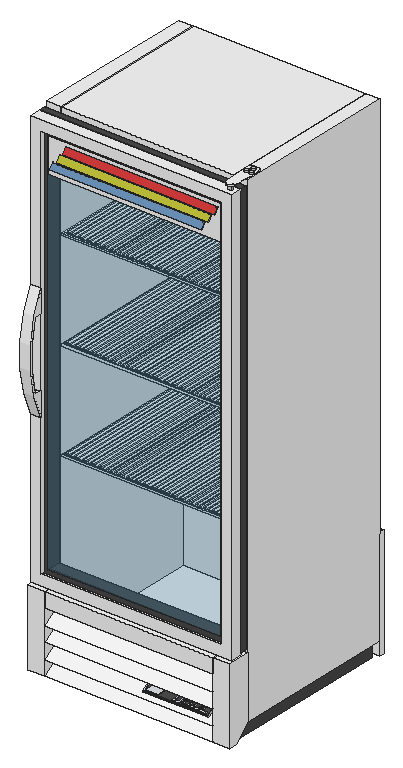
Revit family "QF_TRUE_GDM-12F-HC~TSL01", category Specialty Equipment, Revit 2016
Family settings
  Part Type = Normal
  Round Connector Dimension = Use Diameter
  Work Plane-Based = No
  Always vertical = Yes
  Cut with Voids When Loaded = No
  Shared = No
  Room Calculation Point = No
Parameters
  Weight in Pounds = 0
  Watts = Volts * FL Amps  # 517.5 W
  Volts = 115 V
  URL Cutsheet = ""
  Specification by User = ""
  Specification by Manufacturer = ""
  Show Logo [instance] = yes
  Show Default Legs [instance] = not(Show 2.5 Inches Castors)  # yes
  Show Clearance [instance] = yes
  Show 2.5 Inches Castors [instance] = no
  Serial Number = ""
  Seismic Rating = ""
  SMACNA No = ""
  Revision Code = ""
  Phase = 1
  Number of Poles = 1
  NAFEM Spec ID Number = ""
  Model = "GDM-12F-HC~TSL01"
  Min Ckt Ampacity = 0 A
  Max Overcurrent Protection = 0 A
  Masterspec = ""
  Manufacturer = "TRUE"
  Length = 24 13/16"
  Item Number = ""
  Installed By = ""
  Identify Quantity as Lot = yes
  Height [instance] = Body Height + Base Height  # 62 5/16"
  HP = "1/2"
  Furnished By = ""
  Foodservice Equipment Identifier = yes
  FL Amps = 4.5 A
  Electrical Remarks = ""
  Electric Connection Type = ""
  Elec Conn RI Height = 0"
  Elec Conn Connection Height = 0"
  Description = "SWING DOOR FREEZER WITH HYDROCARBON REFRIGERANT-TRUE STANDARD LOOK VERSION 01"
  Depth = 25 1/32"
  Cycle = 60 Hz
  Conn Plug = "NEMA 5-15P"
  Conn Conduit = yes
  CSI MasterFormat = ""
  Materials and Finishes [instance] = QF_Plastic - White - Smooth
  Body Height [instance] = 62 1/8"  # constant formula
  Base Height [instance] = if(Show 2.5 Inches Castors, 2 1/2", 3/16")  # 3/16"
  Apparent Power = 0 VA
Reference planes (in)
  plane 1 "BACK": y = 0
  plane 2: z = 0
  plane 3 "LEFT": x = 0
  plane 4 "RIGHT": x = 24.8125
  plane 5 "FRONT": y = -25.03125
  plane 6 "TOP": z = 62.3125
  plane 7 "Center Y": x = 12.40625
  plane 8 "Center X": y = -12.51562
  plane 9: y = -0.53125
  plane 10: y = -23.40625
  plane 11: y = -25.09375
  plane 12: y = -46.625
  plane 13: z = 0.1875
Dimensions and locks (in)
  equal spacing: plane 3 "LEFT", plane 7 "Center Y", plane 4 "RIGHT"
  "Length": plane 3 "LEFT" to plane 4 "RIGHT"
  equal spacing: plane 5 "FRONT", plane 8 "Center X", plane 1 "BACK"
  "Depth": plane 5 "FRONT" to plane 1 "BACK"
  "Body Height": plane 6 "TOP" to plane 13
  plane 4 "RIGHT" to plane 3 "LEFT" = 24 13/16"
  plane 9 to plane 1 "BACK" = 17/32"
  plane 10 to plane 9 = 22 7/8"
  plane 5 "FRONT" to plane 10 = 1 5/8"
  plane 5 "FRONT" to plane 1 "BACK" = 25 1/32"
  plane 12 to plane 1 "BACK" = 46 5/8"
  "Base Height": plane 13 to level
  aligned and locked: level to plane 2
  aligned and locked: nested 1 to plane 13
Nested families (in)
  nested 1: "GDM-10-58-HC-TSL01" at (0, 0, 0), Show Clearance <- "Show Clearance", Show Default Legs <- "Show Default Legs", Show Logo <- "Show Logo", type "GDM-10-58-HC-TSL01"
    with Show Logo yes, Show Default Legs yes, Show Clearance yes
  nested 2: "2.5 INCHES_CASTER" at (2, -2.53125, 0), visible <- "Show 2.5 Inches Castors", 2.5 Inches Caster <- "Show 2.5 Inches Castors", type "2.5 INCHES_CASTER"
    with Type Mark "", Specification by User "", Revision Code "", Item Number "", Installed By "", Identify Quantity as Lot yes, Furnished By "", Foodservice Equipment Identifier yes, 2.5 Inches Caster no
  nested 3: "2.5 INCHES_CASTER" at (22.8125, -2.53125, 0), visible <- "Show 2.5 Inches Castors", 2.5 Inches Caster <- "Show 2.5 Inches Castors", type "2.5 INCHES_CASTER"
    with Type Mark "", Specification by User "", Revision Code "", Item Number "", Installed By "", Identify Quantity as Lot yes, Furnished By "", Foodservice Equipment Identifier yes, 2.5 Inches Caster no
  nested 4: "2.5 INCHES_CASTER" at (2, -21.78125, 0), visible <- "Show 2.5 Inches Castors", 2.5 Inches Caster <- "Show 2.5 Inches Castors", type "2.5 INCHES_CASTER"
    with Type Mark "", Specification by User "", Revision Code "", Item Number "", Installed By "", Identify Quantity as Lot yes, Furnished By "", Foodservice Equipment Identifier yes, 2.5 Inches Caster no
  nested 5: "2.5 INCHES_CASTER" at (22.8125, -21.78125, 0), visible <- "Show 2.5 Inches Castors", 2.5 Inches Caster <- "Show 2.5 Inches Castors", type "2.5 INCHES_CASTER"
    with Type Mark "", Specification by User "", Revision Code "", Item Number "", Installed By "", Identify Quantity as Lot yes, Furnished By "", Foodservice Equipment Identifier yes, 2.5 Inches Caster no
Connectors (in)
  electrical at (12.40625, 0, 7.53125), driven by "Volts", driven by "Watts"
    settings: on nested 1, index 1, voltage 115 V, apparent load 517.5 VA, apparent load phase1 0 VA, apparent load phase2 0 VA, apparent load phase3 0 VA, power factor 1, load classification "Other", number of poles 1, system type 30, power factor state 1, is connector primary yes, connector utility no, sub classification motor no, connector description "ELECTRICAL CONNECTION"
Definition of nested family "GDM-10-58-HC-TSL01"
  Parameters (values of type "GDM-10-58-HC-TSL01")
    Weight in Pounds = 0
    Watts = 0 W
    Volts = 0 V
    URL Cutsheet = ""
    Specification by User = ""
    Specification by Manufacturer = ""
    Show Logo [instance] = yes
    Show Default Legs [instance] = yes
    Show Clearance [instance] = yes
    Serial Number = ""
    Seismic Rating = ""
    SMACNA No = ""
    Revision Code = ""
    Phase = 0
    Number of Poles = 1
    NAFEM Spec ID Number = ""
    Model = ""
    Min Ckt Ampacity = 0 A
    Max Overcurrent Protection = 0 A
    Masterspec = ""
    Manufacturer = ""
    Length = 24 13/16"
    Item Number = ""
    Installed By = ""
    Identify Quantity as Lot = yes
    Height = 62 5/16"
    HP = ""
    Furnished By = ""
    Foodservice Equipment Identifier = yes
    FL Amps = 0 A
    Electrical Remarks = ""
    Electric Connection Type = ""
    Elec Conn RI Height = 0"
    Elec Conn Connection Height = 0"
    Description = ""
    Depth = 25 1/32"
    Cycle = 0 Hz
    Conn Plug = ""
    Conn Conduit = yes
    CSI MasterFormat = ""
    Body Finish = none
    Apparent Power = 0 VA
  Reference planes (in)
    plane 1 "BACK": y = 0
    plane 2: z = 0
    plane 3 "LEFT": x = 0
    plane 4 "RIGHT": x = 24.8125
    plane 5 "FRONT": y = -25.03125
    plane 6 "TOP": z = 62.3125
    plane 7 "Center Y": x = 12.40625
    plane 8 "Center X": y = -12.51562
    plane 9: y = -0.53125
    plane 10: y = -23.40625
    plane 11: y = -25.09375
    plane 12: z = 10.5
    plane 13: z = 2.375
    plane 14: z = 10.5
    plane 15: y = -46.625
    plane 16: y = -46.625
    plane 17: z = 0.1875
  Forms (in)
    Extrusion 1, solid
      sketch origin (0.03125, -23.4375, 65.50979) x (0, 0, 1) y (1, 0, 0)
        loop
          line (-5.03234, 23.53125) -> (-54.00979, 23.53125) -> (-54.00979, 1.21875) -> (-5.03234, 1.21875) -> (-5.03234, 23.53125)
        loop
          line (-5.53234, 23.03125) -> (-53.50979, 23.03125) -> (-53.50979, 1.71875) -> (-5.53234, 1.71875) -> (-5.53234, 23.03125)
      from 2.25251 to 0.5
    Extrusion 2, solid, material <- "Body Finish"
      sketch origin (0.03125, -23.4375, 65.50979) x (0, 0, 1) y (1, 0, 0)
        loop
          line (-55.25979, -0.03125) -> (-3.78234, -0.03125) -> (-3.78234, 24.78125) -> (-55.25979, 24.78125) -> (-55.25979, -0.03125)
        loop
          line (-5.03234, 23.53125) -> (-54.00979, 23.53125) -> (-54.00979, 1.21875) -> (-5.03234, 1.21875) -> (-5.03234, 23.53125)
      from 1.50251 to 0.03125
    Extrusion 3, solid
      sketch origin (0.03125, -23.4375, 65.50979) x (0, 0, 1) y (1, 0, 0)
        loop
          line (-5.03234, 23.53125) -> (-54.00979, 23.53125) -> (-54.00979, 1.21875) -> (-5.03234, 1.21875) -> (-5.03234, 23.53125)
        loop
          line (-4.78234, 23.78125) -> (-54.25979, 23.78125) -> (-54.25979, 0.96875) -> (-4.78234, 0.96875) -> (-4.78234, 23.78125)
      from 2.25251 to 2.5625
    Extrusion 4, solid, material <- "Body Finish"
      sketch origin (0.03125, 2.9375, 12.89062) x (0, 1, 0) y (0, 0, 1)
        loop
          line (-3.46875, 48.33682) -> (-5.125, 48.33682) -> (-5.125, -9.51562) -> (-23.8125, -9.51562) -> (-23.8125, -10.51562) -> (-3.46875, -10.51562) -> (-3.46875, 48.33682)
      from 1.75 to 23
    Extrusion 5, solid, material <- "Body Finish"
      sketch origin (0.03125, 2.9375, 12.89062) x (0, -1, 0) y (0, 0, 1)
        loop
          line (23.8125, 49.33682) -> (3.46875, 49.33682) -> (3.46875, -10.51562) -> (23.8125, -10.51562) -> (23.8125, 49.33682)
      from 0.03125 to -1.75
    Extrusion 6, solid, material <- "Body Finish"
      sketch origin (0, -0.0625, -1.8125) x (0, 1, 0) y (0, 0, 1)
        loop
          line (-0.46875, 2.5) -> (0.0625, 2.5) -> (0.0625, 16.1875) -> (-0.46875, 16.1875) -> (-0.46875, 2.5)
      from 0 to 24.8125
    Extrusion 7, solid, material <- "Body Finish"
      sketch origin (0, 0.46875, 0.375) x (0, 1, 0) y (0, 0, 1)
        loop
          line (-21.34375, 9.625) -> (-24.20354, 9.625) -> (-24.20354, 0.3125) -> (-23.03125, 0.3125) -> (-21.34375, 2) -> (-21.34375, 9.625)
      from 0 to 2
    Extrusion 8, solid
      sketch origin (0, 0.46875, 0.375) x (0, 1, 0) y (0, 0, 1)
        loop
          line (-23.03125, 0.3125) -> (-23.03125, -0.1875) -> (-1, -0.1875) -> (-1, 2) -> (-21.34375, 2) -> (-23.03125, 0.3125)
      from 0.98361 to 23.82889
    Extrusion 9, solid, material <- "Body Finish"
      sketch origin (2, 0.46875, 0.375) x (0, 1, 0) y (0, 0, 1)
        loop
          line (-24.20354, 9.625) -> (-24.20354, 7.875) -> (-21.40384, 7.875) -> (-24.20354, 5.88192) -> (-23.74627, 5.88192) -> (-21.34375, 7.61566) -> (-21.34375, 9.625) -> (-24.20354, 9.625)
        loop
          line (-21.34375, 6.04694) -> (-24.20354, 4.01463) -> (-23.74627, 4.01463) -> (-21.34375, 5.74837) -> (-21.34375, 6.04694)
        loop
          line (-21.34375, 3.88108) -> (-21.34375, 4.17966) -> (-24.20354, 2.11927) -> (-23.78927, 2.11927) -> (-21.34375, 3.88108)
        loop
          line (-21.34375, 2.37289) -> (-24.20354, 0.3125) -> (-23.03125, 0.3125) -> (-21.34375, 2) -> (-21.34375, 2.37289)
      from 0 to 20.8125
    Extrusion 10, solid
      sketch origin (0.03125, -22.9375, 65.50979) x (0, 0, -1) y (1, 0, 0)
        loop
          line (9.78234, 1.71875) -> (53.50979, 1.71875) -> (53.50979, 23.03125) -> (9.78234, 23.03125) -> (9.78234, 1.71875)
      from 0 to -0.125
    Extrusion 11, solid, visible <- "Show Clearance", detail levels coarse
      sketch origin (23.15625, -23.4375, 10.5) x (0, -1, 0) y (-1, 0, 0)
        loop
          line (-0.03125, -1.65625) -> (23.1875, -1.65625)
          arc (23.1875, -1.65625) -> (16.70099, 15.54381) -> (-0.03125, 23.15625) r 24.08186
          line (-0.03125, 23.15625) -> (-0.03125, -1.65625)
      from 0.25 to -51.22744
    Extrusion 12, solid, material <- "Body Finish"
      sketch origin (24.78125, 2.9375, 12.89062) x (0, -1, 0) y (0, 0, -1)
        loop
          line (23.8125, -49.33682) -> (23.8125, 10.51562) -> (3.46875, 10.51562) -> (3.46875, -49.33682) -> (23.8125, -49.33682)
      from 0.03125 to -1.75
    Extrusion 13, solid
      sketch origin (0.03125, -21.96624, 65.50979) x (0, 0, 1) y (1, 0, 0)
        loop
          line (-55.00979, -0.03125) -> (-3.78234, -0.03125) -> (-3.78234, 24.78125) -> (-55.00979, 24.78125) -> (-55.00979, -0.03125)
        loop
          line (-5.03234, 23.53125) -> (-53.75979, 23.53125) -> (-53.75979, 1.21875) -> (-5.03234, 1.21875) -> (-5.03234, 23.53125)
      from 0.78125 to 0.03125
    Extrusion 14, solid, material <- "Body Finish"
      sketch origin (24.8125, 0.46875, 0.375) x (0, 1, 0) y (0, 0, -1)
        loop
          line (-21.34375, -9.625) -> (-21.34375, -2) -> (-23.03125, -0.3125) -> (-24.20354, -0.3125) -> (-24.20354, -9.625) -> (-21.34375, -9.625)
      from 0 to 2
    Extrusion 15, solid
      sketch origin (0.35938, 0, 0) x (1, 0, 0) y (0, 1, 0)
        loop
          circle (23.55974, -22.48479) r 0.25
      from 10 to 62.22744
    Revolve 16, solid, visible <- "Show Default Legs"
      sketch origin (2, 0.46875, 0) x (0, 1, 0) y (0, 0, 1)
        loop
          line (-21.84375, 0) -> (-21.84375, 0.1875) -> (-22.6184, 0.1875) -> (-22.6184, 0) -> (-21.84375, 0)
        axis (-21.84375, 0) -> (-21.84375, 0.1875)
      angle from 0 to 360
    Revolve 17, solid, visible <- "Show Default Legs"
      sketch origin (2, 20.21875, 0) x (0, 1, 0) y (0, 0, 1)
        loop
          line (-21.84375, 0) -> (-21.84375, 0.1875) -> (-22.6184, 0.1875) -> (-22.6184, 0) -> (-21.84375, 0)
        axis (-21.84375, 0) -> (-21.84375, 0.1875)
      angle from 0 to 360
    Revolve 18, solid, visible <- "Show Default Legs"
      sketch origin (22.8125, 0.46875, 0) x (0, 1, 0) y (0, 0, -1)
        loop
          line (-21.84375, 0) -> (-22.6184, 0) -> (-22.6184, -0.1875) -> (-21.84375, -0.1875) -> (-21.84375, 0)
        axis (-21.84375, 0) -> (-21.84375, -0.1875)
      angle from 0 to 360
    Revolve 19, solid, visible <- "Show Default Legs"
      sketch origin (22.8125, 20.21875, 0) x (0, 1, 0) y (0, 0, -1)
        loop
          line (-21.84375, 0) -> (-22.6184, 0) -> (-22.6184, -0.1875) -> (-21.84375, -0.1875) -> (-21.84375, 0)
        axis (-21.84375, 0) -> (-21.84375, -0.1875)
      angle from 0 to 360
    Extrusion 20, solid, not visible
      sketch origin (-6.9261, -177.0625, 34.29306) x (-1, 0, 0) y (0, -1, 0)
        loop
          line (-8.70735, -174.875) -> (-8.70735, -156.1875) -> (-29.95735, -156.1875) -> (-29.95735, -174.875) -> (-8.70735, -174.875)
        loop
          line (-8.95735, -174.625) -> (-8.95735, -156.375) -> (-29.70735, -156.375) -> (-29.70735, -174.625) -> (-8.95735, -174.625)
      from 0 to 0.25
    Extrusion 21, solid, not visible
      sketch origin (0.23437, 2.9375, 7.80869) x (1, 0, 0) y (0, 0, 1)
        loop
          circle (10.17187, 26.73438) r 0.125
        loop
          circle (9.67187, 26.73438) r 0.125
        loop
          circle (9.17187, 26.73438) r 0.125
        loop
          circle (8.67187, 26.73438) r 0.125
        loop
          circle (8.17187, 26.73438) r 0.125
        loop
          circle (7.67187, 26.73438) r 0.125
        loop
          circle (7.17187, 26.73438) r 0.125
        loop
          circle (6.67187, 26.73438) r 0.125
        loop
          circle (6.17187, 26.73438) r 0.125
        loop
          circle (5.67187, 26.73438) r 0.125
        loop
          circle (5.17187, 26.73438) r 0.125
        loop
          circle (4.67187, 26.73438) r 0.125
        loop
          circle (4.17187, 26.73438) r 0.125
        loop
          circle (3.67187, 26.73438) r 0.125
        loop
          circle (3.17187, 26.73438) r 0.125
        loop
          circle (2.67187, 26.73438) r 0.125
        loop
          circle (2.17187, 26.73438) r 0.125
        loop
          circle (10.67187, 26.73438) r 0.125
        loop
          circle (11.17187, 26.73438) r 0.125
        loop
          circle (11.67187, 26.73438) r 0.125
        loop
          circle (12.17188, 26.73438) r 0.125
        loop
          circle (14.17188, 26.73438) r 0.125
        loop
          circle (14.67188, 26.73438) r 0.125
        loop
          circle (15.17188, 26.73438) r 0.125
        loop
          circle (15.67188, 26.73438) r 0.125
        loop
          circle (16.17188, 26.73438) r 0.125
        loop
          circle (16.67188, 26.73438) r 0.125
        loop
          circle (17.17188, 26.73438) r 0.125
        loop
          circle (17.67188, 26.73438) r 0.125
        loop
          circle (18.17188, 26.73438) r 0.125
        loop
          circle (18.67188, 26.73438) r 0.125
        loop
          circle (19.17188, 26.73438) r 0.125
        loop
          circle (19.67188, 26.73438) r 0.125
        loop
          circle (20.17188, 26.73438) r 0.125
        loop
          circle (20.67188, 26.73438) r 0.125
        loop
          circle (21.17188, 26.73438) r 0.125
        loop
          circle (21.67188, 26.73438) r 0.125
        loop
          circle (22.17188, 26.73438) r 0.125
        loop
          circle (13.67188, 26.73438) r 0.125
        loop
          circle (13.17188, 26.73438) r 0.125
        loop
          circle (12.67188, 26.73438) r 0.125
      from 5.125 to 23.625
    Extrusion 22, solid, material <- "Body Finish"
      sketch origin (4.31688, 2.875, 26.74306) x (1, 0, 0) y (0, 1, 0)
        loop
          arc (19.40165, -21.39984) -> (19.03744, -21.55726) -> (18.90258, -21.93042) r 0.5
          line (18.90258, -21.93042) -> (19.11273, -25.35979)
          arc (19.11273, -25.35979) -> (19.6118, -25.82921) -> (20.11086, -25.35979) r 0.5
          line (20.11086, -25.35979) -> (20.32101, -21.93042)
          arc (20.32101, -21.93042) -> (20.18615, -21.55726) -> (19.82195, -21.39984) r 0.5
          line (19.82195, -21.39984) -> (19.40165, -21.39984)
      from 35.48438 to 35.56944
    Extrusion 23, solid
      sketch origin (4.30731, 2.875, 26.74306) x (1, 0, 0) y (0, 1, 0)
        loop
          circle (19.6118, -21.78078) r 0.25
        loop
          circle (19.30218, -22.51019) r 0.25
        loop
          circle (19.92141, -22.51019) r 0.25
      from 35.48438 to 35.64063
    Extrusion 24, solid
      sketch origin (0.75, -20.8125, -17.64756) x (-1, 0, 0) y (0, 0, 1)
        loop
          line (-1, 77.625) -> (-22.3125, 77.625) -> (-22.3125, 73.375) -> (-1, 73.375) -> (-1, 77.625)
      from -0.37249 to -2.125
    Extrusion 25, solid
      sketch origin (0.75, -22.9375, -16.39756) x (1, 0, 0) y (0, 0, 1)
        loop
          line (2.10165, 73.75) -> (20.84375, 73.75) -> (21.22761, 74.75) -> (2.48552, 74.75) -> (2.10165, 73.75)
      from 0 to 0.03125
    Extrusion 26, solid
      sketch origin (0.75, -22.9375, -17.39756) x (1, 0, 0) y (0, 0, 1)
        loop
          line (3.30123, 76.875) -> (2.91736, 75.875) -> (21.64348, 75.875) -> (22.02734, 76.875) -> (3.30123, 76.875)
      from 0 to 0.03125
    Extrusion 27, solid
      sketch origin (0.75, -22.9375, -15.39756) x (1, 0, 0) y (0, 0, 1)
        loop
          line (1.28594, 71.625) -> (20.02239, 71.625) -> (20.40625, 72.625) -> (1.66981, 72.625) -> (1.28594, 71.625)
      from 0 to 0.03125
    Extrusion 28, solid, material <- "Body Finish"
      sketch origin (20.40625, -69.74366, 62.22744) x (0, 1, 0) y (-1, 0, 0)
        loop
          line (69.21241, -2.625) -> (69.21241, 18.625) -> (48.86866, 18.625) -> (48.86866, -2.625) -> (69.21241, -2.625)
      from 0 to -1
    Extrusion 29, solid, material <- "Body Finish"
      sketch origin (-0.25, 2.875, 18.89509) x (0, 1, 0) y (0, 0, 1)
        loop
          arc (-26.28125, 24.2861) -> (-27.90626, 17.09363) -> (-26.28125, 9.90116) r 16.72986
          line (-26.28125, 9.90116) -> (-26.28125, 12.85144) -> (-27.1009, 12.85144)
          arc (-27.1009, 12.85144) -> (-27.65626, 17.09363) -> (-27.1009, 21.33582) r 16.47986
          line (-27.1009, 21.33582) -> (-26.28125, 21.33582) -> (-26.28125, 24.2861)
      from 0.25 to 1.5
    Extrusion 30, solid
      sketch origin (-6.9261, -177.0625, 23.61925) x (-1, 0, 0) y (0, -1, 0)
        loop
          line (-8.70735, -174.875) -> (-8.70735, -156.1875) -> (-29.95735, -156.1875) -> (-29.95735, -174.875) -> (-8.70735, -174.875)
        loop
          line (-8.95735, -174.625) -> (-8.95735, -156.375) -> (-29.70735, -156.375) -> (-29.70735, -174.625) -> (-8.95735, -174.625)
      from 0 to 0.25
    Extrusion 31, solid
      sketch origin (0.23437, 2.9375, -2.86513) x (1, 0, 0) y (0, 0, 1)
        loop
          circle (10.17187, 26.73438) r 0.125
        loop
          circle (9.67187, 26.73438) r 0.125
        loop
          circle (9.17187, 26.73438) r 0.125
        loop
          circle (8.67187, 26.73438) r 0.125
        loop
          circle (8.17187, 26.73438) r 0.125
        loop
          circle (7.67187, 26.73438) r 0.125
        loop
          circle (7.17187, 26.73438) r 0.125
        loop
          circle (6.67187, 26.73438) r 0.125
        loop
          circle (6.17187, 26.73438) r 0.125
        loop
          circle (5.67187, 26.73438) r 0.125
        loop
          circle (5.17187, 26.73438) r 0.125
        loop
          circle (4.67187, 26.73438) r 0.125
        loop
          circle (4.17187, 26.73438) r 0.125
        loop
          circle (3.67187, 26.73438) r 0.125
        loop
          circle (3.17187, 26.73438) r 0.125
        loop
          circle (2.67187, 26.73438) r 0.125
        loop
          circle (2.17187, 26.73438) r 0.125
        loop
          circle (10.67187, 26.73438) r 0.125
        loop
          circle (11.17187, 26.73438) r 0.125
        loop
          circle (11.67187, 26.73438) r 0.125
        loop
          circle (12.17188, 26.73438) r 0.125
        loop
          circle (14.17188, 26.73438) r 0.125
        loop
          circle (14.67188, 26.73438) r 0.125
        loop
          circle (15.17188, 26.73438) r 0.125
        loop
          circle (15.67188, 26.73438) r 0.125
        loop
          circle (16.17188, 26.73438) r 0.125
        loop
          circle (16.67188, 26.73438) r 0.125
        loop
          circle (17.17188, 26.73438) r 0.125
        loop
          circle (17.67188, 26.73438) r 0.125
        loop
          circle (18.17188, 26.73438) r 0.125
        loop
          circle (18.67188, 26.73438) r 0.125
        loop
          circle (19.17188, 26.73438) r 0.125
        loop
          circle (19.67188, 26.73438) r 0.125
        loop
          circle (20.17188, 26.73438) r 0.125
        loop
          circle (20.67188, 26.73438) r 0.125
        loop
          circle (21.17188, 26.73438) r 0.125
        loop
          circle (21.67188, 26.73438) r 0.125
        loop
          circle (22.17188, 26.73438) r 0.125
        loop
          circle (13.67188, 26.73438) r 0.125
        loop
          circle (13.17188, 26.73438) r 0.125
        loop
          circle (12.67188, 26.73438) r 0.125
      from 5.125 to 23.625
    Extrusion 32, solid
      sketch origin (-6.9261, -177.0625, 35.86372) x (-1, 0, 0) y (0, -1, 0)
        loop
          line (-8.70735, -174.875) -> (-8.70735, -156.1875) -> (-29.95735, -156.1875) -> (-29.95735, -174.875) -> (-8.70735, -174.875)
        loop
          line (-8.95735, -174.625) -> (-8.95735, -156.375) -> (-29.70735, -156.375) -> (-29.70735, -174.625) -> (-8.95735, -174.625)
      from 0 to 0.25
    Extrusion 33, solid
      sketch origin (0.23437, 2.9375, 9.37934) x (1, 0, 0) y (0, 0, 1)
        loop
          circle (10.17187, 26.73438) r 0.125
        loop
          circle (9.67187, 26.73438) r 0.125
        loop
          circle (9.17187, 26.73438) r 0.125
        loop
          circle (8.67187, 26.73438) r 0.125
        loop
          circle (8.17187, 26.73438) r 0.125
        loop
          circle (7.67187, 26.73438) r 0.125
        loop
          circle (7.17187, 26.73438) r 0.125
        loop
          circle (6.67187, 26.73438) r 0.125
        loop
          circle (6.17187, 26.73438) r 0.125
        loop
          circle (5.67187, 26.73438) r 0.125
        loop
          circle (5.17187, 26.73438) r 0.125
        loop
          circle (4.67187, 26.73438) r 0.125
        loop
          circle (4.17187, 26.73438) r 0.125
        loop
          circle (3.67187, 26.73438) r 0.125
        loop
          circle (3.17187, 26.73438) r 0.125
        loop
          circle (2.67187, 26.73438) r 0.125
        loop
          circle (2.17187, 26.73438) r 0.125
        loop
          circle (10.67187, 26.73438) r 0.125
        loop
          circle (11.17187, 26.73438) r 0.125
        loop
          circle (11.67187, 26.73438) r 0.125
        loop
          circle (12.17188, 26.73438) r 0.125
        loop
          circle (14.17188, 26.73438) r 0.125
        loop
          circle (14.67188, 26.73438) r 0.125
        loop
          circle (15.17188, 26.73438) r 0.125
        loop
          circle (15.67188, 26.73438) r 0.125
        loop
          circle (16.17188, 26.73438) r 0.125
        loop
          circle (16.67188, 26.73438) r 0.125
        loop
          circle (17.17188, 26.73438) r 0.125
        loop
          circle (17.67188, 26.73438) r 0.125
        loop
          circle (18.17188, 26.73438) r 0.125
        loop
          circle (18.67188, 26.73438) r 0.125
        loop
          circle (19.17188, 26.73438) r 0.125
        loop
          circle (19.67188, 26.73438) r 0.125
        loop
          circle (20.17188, 26.73438) r 0.125
        loop
          circle (20.67188, 26.73438) r 0.125
        loop
          circle (21.17188, 26.73438) r 0.125
        loop
          circle (21.67188, 26.73438) r 0.125
        loop
          circle (22.17188, 26.73438) r 0.125
        loop
          circle (13.67188, 26.73438) r 0.125
        loop
          circle (13.17188, 26.73438) r 0.125
        loop
          circle (12.67188, 26.73438) r 0.125
      from 5.125 to 23.625
    Extrusion 34, solid
      sketch origin (-6.9261, -177.0625, 48.10775) x (-1, 0, 0) y (0, -1, 0)
        loop
          line (-8.70735, -174.875) -> (-8.70735, -156.1875) -> (-29.95735, -156.1875) -> (-29.95735, -174.875) -> (-8.70735, -174.875)
        loop
          line (-8.95735, -174.625) -> (-8.95735, -156.375) -> (-29.70735, -156.375) -> (-29.70735, -174.625) -> (-8.95735, -174.625)
      from 0 to 0.25
    Extrusion 35, solid
      sketch origin (0.23437, 2.9375, 21.62337) x (1, 0, 0) y (0, 0, 1)
        loop
          circle (10.17187, 26.73438) r 0.125
        loop
          circle (9.67187, 26.73438) r 0.125
        loop
          circle (9.17187, 26.73438) r 0.125
        loop
          circle (8.67187, 26.73438) r 0.125
        loop
          circle (8.17187, 26.73438) r 0.125
        loop
          circle (7.67187, 26.73438) r 0.125
        loop
          circle (7.17187, 26.73438) r 0.125
        loop
          circle (6.67187, 26.73438) r 0.125
        loop
          circle (6.17187, 26.73438) r 0.125
        loop
          circle (5.67187, 26.73438) r 0.125
        loop
          circle (5.17187, 26.73438) r 0.125
        loop
          circle (4.67187, 26.73438) r 0.125
        loop
          circle (4.17187, 26.73438) r 0.125
        loop
          circle (3.67187, 26.73438) r 0.125
        loop
          circle (3.17187, 26.73438) r 0.125
        loop
          circle (2.67187, 26.73438) r 0.125
        loop
          circle (2.17187, 26.73438) r 0.125
        loop
          circle (10.67187, 26.73438) r 0.125
        loop
          circle (11.17187, 26.73438) r 0.125
        loop
          circle (11.67187, 26.73438) r 0.125
        loop
          circle (12.17188, 26.73438) r 0.125
        loop
          circle (14.17188, 26.73438) r 0.125
        loop
          circle (14.67188, 26.73438) r 0.125
        loop
          circle (15.17188, 26.73438) r 0.125
        loop
          circle (15.67188, 26.73438) r 0.125
        loop
          circle (16.17188, 26.73438) r 0.125
        loop
          circle (16.67188, 26.73438) r 0.125
        loop
          circle (17.17188, 26.73438) r 0.125
        loop
          circle (17.67188, 26.73438) r 0.125
        loop
          circle (18.17188, 26.73438) r 0.125
        loop
          circle (18.67188, 26.73438) r 0.125
        loop
          circle (19.17188, 26.73438) r 0.125
        loop
          circle (19.67188, 26.73438) r 0.125
        loop
          circle (20.17188, 26.73438) r 0.125
        loop
          circle (20.67188, 26.73438) r 0.125
        loop
          circle (21.17188, 26.73438) r 0.125
        loop
          circle (21.67188, 26.73438) r 0.125
        loop
          circle (22.17188, 26.73438) r 0.125
        loop
          circle (13.67188, 26.73438) r 0.125
        loop
          circle (13.17188, 26.73438) r 0.125
        loop
          circle (12.67188, 26.73438) r 0.125
      from 5.125 to 23.625
  Lines and regions (in)
    symbolic lines
      curve 1: line (0, 0, 0) -> (24.8125, 0, 0)
      curve 2: line (0, -23.73479, 0) -> (0, 0, 0)
      curve 3: line (24.8125, -23.40625, 0) -> (0, -23.40625, 0)
      curve 4: line (24.8125, 0, 0) -> (24.8125, -23.73479, 0)
      curve 5: line (24.8125, -21.93499, 0) -> (24.46144, -21.93499, 0)
      curve 6: line (24.8125, -21.18499, 0) -> (24.5074, -21.18499, 0)
      curve 7: line (0, -20.875, 0) -> (23.33097, -20.875, 0)
      curve 8: line (1.78125, -0.53125, 0) -> (1.78125, -20.875, 0)
      curve 9: line (23.03125, -20.875, 0) -> (23.03125, -0.53125, 0)
      curve 10: line (24.13883, -18.52484, 0) -> (23.71853, -18.52484, 0)
      curve 11: arc (23.71853, -18.52484, 0) -> (23.35432, -18.68226, 0) -> (23.21947, -19.05542, 0) r 0.5
      curve 12: line (23.21947, -19.05542, 0) -> (23.42962, -22.48479, 0)
      curve 13: arc (23.42962, -22.48479, 0) -> (23.92868, -22.95421, 0) -> (24.42775, -22.48479, 0) r 0.5
      curve 14: line (24.42775, -22.48479, 0) -> (24.6379, -19.05542, 0)
      curve 15: arc (24.6379, -19.05542, 0) -> (24.50304, -18.68226, 0) -> (24.13883, -18.52484, 0) r 0.5
      curve 16: arc (24.16911, -22.48479, 0) -> (23.91911, -22.23479, 0) -> (23.66911, -22.48479, 0) r 0.25
      curve 17: arc (23.66911, -22.48479, 0) -> (23.91911, -22.73479, 0) -> (24.16911, -22.48479, 0) r 0.25
      curve 18: arc (23.3595, -19.63519, 0) -> (23.6095, -19.88519, 0) -> (23.8595, -19.63519, 0) r 0.25
      curve 19: arc (23.8595, -19.63519, 0) -> (23.6095, -19.38519, 0) -> (23.3595, -19.63519, 0) r 0.25
      curve 20: arc (23.97873, -19.63519, 0) -> (24.22873, -19.88519, 0) -> (24.47873, -19.63519, 0) r 0.25
      curve 21: arc (24.47873, -19.63519, 0) -> (24.22873, -19.38519, 0) -> (23.97873, -19.63519, 0) r 0.25
      curve 22: arc (23.66911, -18.90578, 0) -> (23.91911, -19.15578, 0) -> (24.16911, -18.90578, 0) r 0.25
      curve 23: arc (24.16911, -18.90578, 0) -> (23.91911, -18.65578, 0) -> (23.66911, -18.90578, 0) r 0.25
      curve 24: line (24.52639, -20.875, 0) -> (24.8125, -20.875, 0)
      curve 25: line (23.34997, -21.18499, 0) -> (0, -21.18499, 0)
      curve 26: line (23.39593, -21.93499, 0) -> (0, -21.93499, 0)
      curve 27: line (24.8125, -23.40625, 0) -> (3.78864, -35.54438, 0)
      curve 28: arc (3.78864, -35.54438, 0) -> (1.07871, -29.72989, 0) -> (0, -23.40625, 0) r 24.08186
      curve 29: line (0.625, -25.03126, 0) -> (0.625, -23.40625, 0)
      curve 30: line (0.625, -25.03126, 0) -> (1.625, -25.03126, 0)
      curve 31: line (1.625, -25.03126, 0) -> (1.625, -23.40625, 0)
      curve 32: line (0, -23.73479, 0) -> (0.625, -23.73479, 0)
      curve 33: line (1.625, -23.73479, 0) -> (24.8125, -23.73479, 0)
      curve 34: line (0, -0.53125, 0) -> (24.8125, -0.53125, 0)
  Dimensions and locks (in)
    equal spacing: plane 3 "LEFT", plane 7 "Center Y", plane 4 "RIGHT"
    "Length": plane 3 "LEFT" to plane 4 "RIGHT"
    equal spacing: plane 5 "FRONT", plane 8 "Center X", plane 1 "BACK"
    "Depth": plane 5 "FRONT" to plane 1 "BACK"
    "Height": plane 6 "TOP" to level
    plane 4 "RIGHT" to plane 3 "LEFT" = 24 13/16"
    plane 9 to plane 1 "BACK" = 17/32"
    plane 10 to plane 9 = 22 7/8"
    plane 5 "FRONT" to plane 10 = 1 5/8"
    plane 5 "FRONT" to plane 1 "BACK" = 25 1/32"
    plane 1 "BACK" to plane 15 = 46 5/8"
    plane 16 to plane 1 "BACK" = 46 5/8"
    plane 17 to level = 3/16"
    aligned and locked: level to plane 2
  Automatic sketch dimensions
    Extrusion 20 sketch curve to Extrusion 20 sketch curve = 20 3/4"
    Extrusion 20 sketch curve to Extrusion 20 sketch curve = 1/4"  (x3)
    Extrusion 20 sketch curve to Extrusion 20 sketch curve = 18 1/4"
    Extrusion 20 sketch curve to Extrusion 20 sketch curve = 3/16"
    curve 16 to curve 17 = 0"  (x2)
    curve 18 to curve 19 = 0"  (x2)
    curve 20 to curve 21 = 0"  (x2)
    curve 22 to curve 23 = 0"  (x2)
    plane 1 "BACK" to curve 1 = 0"
    curve 1 to plane 3 "LEFT" = 0"
    curve 29 to plane 10 = 0"
    curve 8 to plane 9 = 0"
    curve 27 to plane 4 "RIGHT" = 0"
    plane 5 "FRONT" to curve 30 = 0"
    plane 3 "LEFT" to curve 30 = 5/8"
    curve 29 to curve 31 = 1"
    plane 3 "LEFT" to curve 27 = 3.78864"
    plane 4 "RIGHT" to curve 12 = 1.59303"
    plane 10 to curve 12 = 0.92146"
    plane 4 "RIGHT" to curve 12 = 1.38288"
    curve 12 to curve 19 = 0.39003"
    curve 12 to curve 10 = 0.49906"
    curve 12 to curve 17 = 0.48949"
    curve 11 to curve 22 = 0.20058"
    curve 16 to curve 13 = 0.00957"
    curve 16 to curve 28 = 0.14769"
    curve 10 to curve 10 = 0.4203"
    plane 4 "RIGHT" to curve 20 = 0.58377"
    curve 28 to curve 14 = 0.36094"
    plane 4 "RIGHT" to curve 14 = 0.1746"
    plane 5 "FRONT" to curve 27 = 10.51313"
    curve 4 to plane 10 = 0.32854"
    curve 2 to curve 28 = 0.32854"
    curve 28 to curve 17 = 0.06989"
    curve 16 to curve 13 = 0.03058"
    curve 13 to curve 20 = 2.81903"
    curve 18 to curve 20 = 0"
    curve 19 to curve 12 = 0.57977"
    curve 21 to curve 14 = 0.57977"
    curve 14 to curve 15 = 0.03058"
    curve 11 to curve 23 = 0.11906"
    plane 3 "LEFT" to curve 8 = 1 25/32"
    curve 9 to curve 18 = 0.57825"
    curve 9 to curve 7 = 0.29972"
    curve 7 to curve 25 = 0.019"
    curve 19 to curve 18 = 1/4"
    curve 26 to curve 13 = 0.03369"
    curve 22 to curve 11 = 0.04942"
    curve 12 to curve 17 = 0.23949"
    curve 18 to curve 20 = 0.11923"
    plane 4 "RIGHT" to curve 5 = 0.35106"
    curve 6 to curve 6 = 0.3051"
    curve 24 to curve 24 = 0.28611"
    Extrusion 1 sketch curve to Extrusion 1 sketch curve = 1/2"  (x4)
    Extrusion 2 sketch curve to plane 12 = 1/4"
    plane 12 to Extrusion 2 sketch curve = 1"
    Extrusion 3 sketch curve to Extrusion 3 sketch curve = 1/4"  (x4)
    Extrusion 4 sketch curve to plane 13 = 0"
    Extrusion 4 sketch curve to Extrusion 4 sketch curve = 1 21/32"
    plane 13 to Extrusion 4 sketch curve = 1"
    Extrusion 6 sketch curve to Extrusion 6 sketch curve = 13 11/16"
    Extrusion 7 sketch curve to Extrusion 7 sketch curve = 1 11/16"  (x2)
    Extrusion 7 sketch curve to Extrusion 7 sketch curve = 7 5/8"
    Extrusion 9 sketch curve to Extrusion 7 = 0"  (x11)
    Extrusion 7 to Extrusion 9 sketch curve = 0"  (x2)
    Extrusion 9 sketch curve to Extrusion 9 sketch curve = 0.41427"
    Extrusion 9 sketch curve to Extrusion 9 sketch curve = 0.45727"  (x2)
    Extrusion 9 sketch curve to Extrusion 7 = 0.06009"
    Extrusion 9 sketch curve to Extrusion 7 = 1.80677"
    Extrusion 9 sketch curve to Extrusion 9 sketch curve = 0.37289"
    Extrusion 9 sketch curve to Extrusion 9 sketch curve = 1.5082"
    Extrusion 9 sketch curve to Extrusion 9 sketch curve = 1.89536"
    Extrusion 9 sketch curve to Extrusion 9 sketch curve = 0.29857"  (x2)
    Extrusion 9 sketch curve to Extrusion 9 sketch curve = 1.56871"  (x2)
    Extrusion 9 sketch curve to Extrusion 9 sketch curve = 1.86729"
    Extrusion 9 sketch curve to Extrusion 9 sketch curve = 1 3/4"
    Extrusion 1 to Extrusion 10 sketch curve = 0"
    Extrusion 10 sketch curve to Extrusion 1 = 0"  (x2)
    Extrusion 1 to Extrusion 10 sketch curve = 4 1/4"
    Extrusion 11 sketch curve to plane 4 "RIGHT" = 0"
    Extrusion 11 sketch curve to plane 10 = 0"
    Extrusion 11 sketch curve to plane 15 = 0"
    Extrusion 11 sketch curve to plane 3 "LEFT" = 0"
    plane 4 "RIGHT" to Extrusion 11 sketch curve = 0.7457"
    Extrusion 13 sketch curve to plane 14 = 0"
    plane 14 to Extrusion 13 sketch curve = 1 1/4"
    Extrusion 14 sketch curve to Extrusion 14 sketch curve = 1 11/16"  (x2)
    Extrusion 15 sketch curve to Extrusion 15 sketch curve = 1/4"
    Revolve 16 sketch curve to Revolve 16 sketch curve = 0.77465"
    Revolve 16 sketch curve to Revolve 16 sketch curve = 0"  (x2)
    Revolve 16 sketch curve to Revolve 16 sketch curve = 0.38265"
    Revolve 17 sketch curve to Revolve 17 sketch curve = 0.77465"
    Revolve 17 sketch curve to Revolve 17 sketch curve = 0"  (x2)
    Revolve 17 sketch curve to Revolve 17 sketch curve = 0.38265"
    Revolve 18 sketch curve to Revolve 18 sketch curve = 0.77465"
    Revolve 18 sketch curve to Revolve 18 sketch curve = 0"  (x2)
    Revolve 18 sketch curve to Revolve 18 sketch curve = 0.38265"
    Revolve 19 sketch curve to Revolve 19 sketch curve = 0.77465"
    Revolve 19 sketch curve to Revolve 19 sketch curve = 0"  (x2)
    Revolve 19 sketch curve to Revolve 19 sketch curve = 0.38265"
    Extrusion 22 sketch curve to Extrusion 22 sketch curve = 0.49906"  (x4)
    Extrusion 22 sketch curve to Extrusion 22 sketch curve = 0.4203"
    Extrusion 22 sketch curve to Extrusion 22 sketch curve = 0.03058"  (x2)
    Extrusion 22 sketch curve to Extrusion 22 sketch curve = 3.42938"
    Extrusion 22 sketch curve to Extrusion 22 sketch curve = 0"
    Extrusion 23 sketch curve to Extrusion 23 sketch curve = 0.30962"
    Extrusion 23 sketch curve to Extrusion 23 sketch curve = 0"
    Extrusion 23 sketch curve to Extrusion 23 sketch curve = 0.72941"
    Extrusion 25 sketch curve to Extrusion 24 = 1.10165"
    Extrusion 25 sketch curve to Extrusion 25 sketch curve = 0.38386"  (x2)
    Extrusion 25 sketch curve to Extrusion 24 = 1 15/32"
    Extrusion 25 sketch curve to Extrusion 24 = 1 5/8"
    Extrusion 25 sketch curve to Extrusion 25 sketch curve = 1"
    Extrusion 26 sketch curve to Extrusion 24 = 1.91736"
    Extrusion 26 sketch curve to Extrusion 24 = 1/2"
    Extrusion 26 sketch curve to Extrusion 26 sketch curve = 0.38386"
    Extrusion 26 sketch curve to Extrusion 24 = 0.66902"
    Extrusion 26 sketch curve to Extrusion 24 = 73/256"
    Extrusion 26 sketch curve to Extrusion 26 sketch curve = 1"
    Extrusion 27 sketch curve to Extrusion 24 = 0.28594"
    Extrusion 27 sketch curve to Extrusion 24 = 0.66981"
    Extrusion 27 sketch curve to Extrusion 24 = 1/2"
    Extrusion 27 sketch curve to Extrusion 24 = 2.29011"
    Extrusion 27 sketch curve to Extrusion 27 sketch curve = 0.38386"
    Extrusion 27 sketch curve to Extrusion 27 sketch curve = 1"
    Extrusion 29 sketch curve to Extrusion 29 sketch curve = 2.95028"
    Extrusion 29 sketch curve to Extrusion 29 sketch curve = 4 31/128"
    Extrusion 30 sketch curve to Extrusion 30 sketch curve = 20 3/4"
    Extrusion 30 sketch curve to Extrusion 30 sketch curve = 1/4"  (x3)
    Extrusion 30 sketch curve to Extrusion 30 sketch curve = 18 1/4"
    Extrusion 30 sketch curve to Extrusion 30 sketch curve = 3/16"
    Extrusion 31 sketch curve to Extrusion 31 sketch curve = 1/2"  (x40)
    Extrusion 31 sketch curve to Extrusion 31 sketch curve = 0"  (x40)
    Extrusion 32 sketch curve to Extrusion 32 sketch curve = 20 3/4"
    Extrusion 32 sketch curve to Extrusion 32 sketch curve = 1/4"  (x3)
    Extrusion 32 sketch curve to Extrusion 32 sketch curve = 18 1/4"
    Extrusion 32 sketch curve to Extrusion 32 sketch curve = 3/16"
    Extrusion 33 sketch curve to Extrusion 33 sketch curve = 1/2"  (x40)
    Extrusion 33 sketch curve to Extrusion 33 sketch curve = 0"  (x40)
    Extrusion 34 sketch curve to Extrusion 34 sketch curve = 20 3/4"
    Extrusion 34 sketch curve to Extrusion 34 sketch curve = 1/4"  (x3)
    Extrusion 34 sketch curve to Extrusion 34 sketch curve = 18 1/4"
    Extrusion 34 sketch curve to Extrusion 34 sketch curve = 3/16"
    Extrusion 35 sketch curve to Extrusion 35 sketch curve = 1/2"  (x40)
    Extrusion 35 sketch curve to Extrusion 35 sketch curve = 0"  (x40)
    Extrusion 1 sketch curve to Extrusion 1 sketch curve = 47.97744"
    Extrusion 1 sketch curve to Extrusion 1 sketch curve = 21 5/16"
    Extrusion 2 sketch curve to Extrusion 2 sketch curve = 48.97744"
    Extrusion 2 sketch curve to Extrusion 2 sketch curve = 1 1/4"  (x3)
    Extrusion 2 sketch curve to Extrusion 2 sketch curve = 22 5/16"
    Extrusion 3 sketch curve to Extrusion 3 sketch curve = 48.97744"
    Extrusion 3 sketch curve to Extrusion 3 sketch curve = 22 5/16"
    Extrusion 4 sketch curve to Extrusion 4 sketch curve = 18 11/16"
    Extrusion 4 sketch curve to Extrusion 4 sketch curve = 57.85244"
    Extrusion 5 sketch curve to Extrusion 5 sketch curve = 20 11/32"
    Extrusion 5 sketch curve to Extrusion 5 sketch curve = 59.85244"
    Extrusion 6 sketch curve to Extrusion 6 sketch curve = 17/32"
    Extrusion 7 sketch curve to Extrusion 7 sketch curve = 1.17229"
    Extrusion 8 sketch curve to Extrusion 8 sketch curve = 1 11/16"  (x2)
    Extrusion 8 sketch curve to Extrusion 8 sketch curve = 20 11/32"
    Extrusion 8 sketch curve to Extrusion 8 sketch curve = 1/2"
    Extrusion 12 sketch curve to Extrusion 12 sketch curve = 20 11/32"
    Extrusion 12 sketch curve to Extrusion 12 sketch curve = 59.85244"
    Extrusion 13 sketch curve to Extrusion 13 sketch curve = 48.72744"
    Extrusion 13 sketch curve to Extrusion 13 sketch curve = 1 1/4"  (x3)
    Extrusion 13 sketch curve to Extrusion 13 sketch curve = 22 5/16"
    Extrusion 14 sketch curve to Extrusion 14 sketch curve = 1.17229"
    Extrusion 14 sketch curve to Extrusion 14 sketch curve = 7 5/8"
    Revolve 16 sketch curve to Revolve 16 sketch curve = 3/16"
    Revolve 17 sketch curve to Revolve 17 sketch curve = 3/16"
    Revolve 18 sketch curve to Revolve 18 sketch curve = 3/16"
    Revolve 19 sketch curve to Revolve 19 sketch curve = 3/16"
    Extrusion 22 sketch curve to Extrusion 22 sketch curve = 0.21015"
    Extrusion 23 sketch curve to Extrusion 23 sketch curve = 0.61923"
    Extrusion 24 sketch curve to Extrusion 24 sketch curve = 21 5/16"
    Extrusion 24 sketch curve to Extrusion 24 sketch curve = 4 1/4"
    Extrusion 28 sketch curve to Extrusion 28 sketch curve = 20 11/32"
    Extrusion 28 sketch curve to Extrusion 28 sketch curve = 21 1/4"
    Extrusion 29 sketch curve to Extrusion 29 sketch curve = 0"  (x5)
    Extrusion 29 sketch curve to Extrusion 29 sketch curve = 0.81965"  (x2)
    Extrusion 29 sketch curve to Extrusion 29 sketch curve = 15.10485"
    plane 4 "RIGHT" to Extrusion 1 sketch curve = 1 1/4"
    plane 17 to Extrusion 1 sketch curve = 11 5/16"
    Extrusion 2 sketch curve to plane 3 "LEFT" = 0"
    plane 3 "LEFT" to Extrusion 3 sketch curve = 1"
    plane 17 to Extrusion 3 sketch curve = 11 1/16"
    Extrusion 4 sketch curve to plane 9 = 0"
    Extrusion 5 sketch curve to plane 9 = 0"
    plane 17 to Extrusion 5 sketch curve = 2 3/16"
    Extrusion 6 sketch curve to plane 9 = 0"
    plane 17 to Extrusion 6 sketch curve = 1/2"
    Extrusion 7 sketch curve to plane 10 = 0.32854"
    plane 17 to Extrusion 7 sketch curve = 1/2"
    Extrusion 8 sketch curve to plane 17 = 0"
    Extrusion 8 sketch curve to plane 9 = 0"
    Extrusion 12 sketch curve to plane 9 = 0"
    Extrusion 12 sketch curve to plane 6 "TOP" = 0.08506"
    Extrusion 13 sketch curve to plane 3 "LEFT" = 0"
    Extrusion 14 sketch curve to plane 10 = 0.32854"
    plane 17 to Extrusion 14 sketch curve = 9 13/16"
    Extrusion 15 sketch curve to Extrusion 15 sketch curve = 0"  (x2)
    plane 4 "RIGHT" to Extrusion 15 sketch curve = 0.89339"
    plane 10 to Extrusion 15 sketch curve = 0.92146"
    Revolve 16 sketch curve to plane 17 = 0"
    plane 10 to Revolve 16 sketch curve = 1.2566"
    Revolve 17 sketch curve to plane 17 = 0"
    Revolve 17 sketch curve to plane 9 = 1.8684"
    Revolve 18 sketch curve to plane 17 = 0"
    plane 10 to Revolve 18 sketch curve = 1.2566"
    Revolve 19 sketch curve to plane 17 = 0"
    Revolve 19 sketch curve to plane 9 = 1.8684"
    plane 4 "RIGHT" to Extrusion 22 sketch curve = 1.59303"
    plane 10 to Extrusion 22 sketch curve = 0.92146"
    plane 4 "RIGHT" to Extrusion 23 sketch curve = 1.203"
    plane 10 to Extrusion 23 sketch curve = 3.77106"
    plane 4 "RIGHT" to Extrusion 24 sketch curve = 1 3/4"
    Extrusion 24 sketch curve to plane 6 "TOP" = 6.58506"
    Extrusion 28 sketch curve to plane 9 = 0"
    plane 4 "RIGHT" to Extrusion 28 sketch curve = 1 25/32"
    Extrusion 29 sketch curve to plane 10 = 0"
    plane 17 to Extrusion 29 sketch curve = 28.60875"
    radius of Extrusion 23 sketch curve = 1/4"  (x3)
    radius of Extrusion 31 sketch curve = 1/8"  (x41)
    radius of Extrusion 33 sketch curve = 1/8"  (x41)
    radius of Extrusion 35 sketch curve = 1/8"  (x41)
  Nested families (in)
    nested 1: "QF_LOGO_TRUE" at (13.73437, -22.01905, 2.22774), Show Logo <- "Show Logo", type "QF_LOGO_TRUE", detail levels medium+fine
      with Show Logo yes
  Definition of nested family "QF_LOGO_TRUE"
    Parameters (values of type "QF_LOGO_TRUE")
      Show Logo [instance] = yes
    Reference planes (in)
      plane 1 "Center (Front/Back)": y = 0
      plane 2: z = 0
      plane 3 "Center (Left/Right)": x = 0
    Forms (in)
      Extrusion 1, solid, visible <- "Show Logo"
        sketch origin (-78.34647, -5.69797, -45.41461) x (1, 0, 0) y (0, 0.811961, 0.583711)
          loop
            line (81.15226, 31.65456) -> (81.07353, 31.48573) -> (82.12083, 31.48573)
            arc (82.12083, 31.48573) -> (82.14208, 31.44814) -> (82.12083, 31.41055) r 0.04386
            line (82.12083, 31.41055) -> (81.84767, 30.82478)
            arc (81.84767, 30.82478) -> (81.84531, 30.77052) -> (81.882, 30.73048) r 0.07096
            line (81.882, 30.73048) -> (82.55165, 30.73048)
            arc (82.55165, 30.73048) -> (82.63621, 30.75714) -> (82.69019, 30.82748) r 0.14742
            line (82.69019, 30.82748) -> (82.90515, 31.28847) -> (83.10265, 31.28847)
            arc (83.10265, 31.28847) -> (83.15447, 31.26942) -> (83.14697, 31.21472) r 0.04405
            line (83.14697, 31.21472) -> (82.9671, 30.82899)
            arc (82.9671, 30.82899) -> (82.9699, 30.76493) -> (83.02398, 30.73048) r 0.06943
            line (83.02398, 30.73048) -> (83.6124, 30.73048)
            arc (83.6124, 30.73048) -> (83.65748, 30.74689) -> (83.68147, 30.78844) r 0.07014
            arc (83.68147, 30.78844) -> (83.69845, 30.74745) -> (83.73943, 30.73048) r 0.05796
            line (83.73943, 30.73048) -> (84.112, 30.73048)
            arc (84.112, 30.73048) -> (84.15504, 30.74201) -> (84.18655, 30.77352) r 0.08608
            arc (84.18655, 30.77352) -> (84.20164, 30.7371) -> (84.23806, 30.72202) r 0.0515
            line (84.23806, 30.72202) -> (84.76757, 30.72202)
            arc (84.76757, 30.72202) -> (84.81086, 30.73995) -> (84.8288, 30.78324) r 0.06122
            arc (84.8288, 30.78324) -> (84.86848, 30.74355) -> (84.92269, 30.72903) r 0.10842
            line (84.92269, 30.72903) -> (85.91461, 30.72903) -> (86.02479, 30.91987) -> (85.0243, 30.91987)
            arc (85.0243, 30.91987) -> (84.99669, 30.93902) -> (84.99566, 30.97261) r 0.03732
            line (84.99566, 30.97261) -> (85.01297, 31.00972)
            arc (85.01297, 31.00972) -> (85.03954, 31.04453) -> (85.0813, 31.05774) r 0.07263
            line (85.0813, 31.05774) -> (85.40289, 31.05774)
            arc (85.40289, 31.05774) -> (85.4723, 31.07633) -> (85.52311, 31.12715) r 0.13882
            line (85.52311, 31.12715) -> (85.61625, 31.28847)
            arc (85.61625, 31.28847) -> (85.61625, 31.37458) -> (85.54168, 31.41763) r 0.08611
            line (85.54168, 31.41763) -> (85.20227, 31.41763)
            arc (85.20227, 31.41763) -> (85.11574, 31.40294) -> (85.05538, 31.33923) r 0.13863
            line (85.05538, 31.33923) -> (84.89409, 30.99333)
            arc (84.89409, 30.99333) -> (84.84649, 30.9313) -> (84.77191, 30.90778) r 0.13002
            line (84.77191, 30.90778) -> (84.41984, 30.90778)
            arc (84.41984, 30.90778) -> (84.3777, 30.95378) -> (84.38042, 31.0161) r 0.08151
            line (84.38042, 31.0161) -> (84.56766, 31.41763) -> (84.44849, 31.41763) -> (84.25012, 30.99222)
            arc (84.25012, 30.99222) -> (84.21158, 30.94199) -> (84.15119, 30.92296) r 0.10527
            line (84.15119, 30.92296) -> (83.90842, 30.92296)
            arc (83.90842, 30.92296) -> (83.8674, 30.97642) -> (83.87619, 31.04323) r 0.08805
            line (83.87619, 31.04323) -> (84.05078, 31.41763) -> (83.92772, 31.41763) -> (83.72676, 30.98668)
            arc (83.72676, 30.98668) -> (83.68011, 30.94003) -> (83.61639, 30.92296) r 0.12745
            line (83.61639, 30.92296) -> (83.26484, 30.92296)
            arc (83.26484, 30.92296) -> (83.2017, 30.9524) -> (83.19563, 31.0218) r 0.06967
            line (83.19563, 31.0218) -> (83.31118, 31.26961) -> (83.47452, 31.26961)
            arc (83.47452, 31.26961) -> (83.50209, 31.35268) -> (83.56075, 31.41763) r 0.21289
            line (83.56075, 31.41763) -> (82.92244, 31.41763)
            arc (82.92244, 31.41763) -> (82.85151, 31.40191) -> (82.80242, 31.34834) r 0.12081
            line (82.80242, 31.34834) -> (82.6294, 30.9773)
            arc (82.6294, 30.9773) -> (82.58962, 30.93752) -> (82.53528, 30.92296) r 0.10869
            line (82.53528, 30.92296) -> (82.1542, 30.92296)
            arc (82.1542, 30.92296) -> (82.12446, 30.96315) -> (82.13012, 31.01283) r 0.06822
            line (82.13012, 31.01283) -> (82.38156, 31.48573) -> (83.01596, 31.48573) -> (83.09469, 31.65456) -> (82.46029, 31.65456) -> (82.53902, 31.8234) -> (82.31334, 31.8234) -> (82.23461, 31.65456) -> (81.15226, 31.65456)
          loop
            arc (85.15937, 31.26434) -> (85.13191, 31.25698) -> (85.1118, 31.23688) r 0.05494
            line (85.1118, 31.23688) -> (85.09547, 31.18665)
            arc (85.09547, 31.18665) -> (85.10304, 31.16837) -> (85.12133, 31.16079) r 0.02586
            line (85.12133, 31.16079) -> (85.39889, 31.16079)
            arc (85.39889, 31.16079) -> (85.41888, 31.16523) -> (85.43513, 31.1777) r 0.04731
            line (85.43513, 31.1777) -> (85.44863, 31.2402)
            arc (85.44863, 31.2402) -> (85.44466, 31.25693) -> (85.42914, 31.26434) r 0.01994
            line (85.42914, 31.26434) -> (85.15937, 31.26434)
          loop
            line (78.62961, 30.74125) -> (80.12032, 30.74125) -> (80.73891, 31.81268) -> (79.2482, 31.81268) -> (78.62961, 30.74125)
        from 34.76797 to 34.83173
      Extrusion 2, solid, visible <- "Show Logo"
        sketch origin (-142.84857, -8.01816, -47.06044) x (1, 0, 0) y (0, 0.811961, 0.583711)
          loop
            line (150.81107, 34.71978) -> (142.98607, 34.71978) -> (142.98607, 33.4921) -> (150.81107, 33.4921) -> (150.81107, 34.71978)
        from 34.75108 to 34.78125
      Extrusion 3, solid, visible <- "Show Logo"
        sketch origin (-142.84857, -8.01816, -47.06044) x (1, 0, 0) y (0, 0.811961, 0.583711)
          loop
            line (150.94857, 34.85727) -> (142.84857, 34.85727) -> (142.84857, 33.3546) -> (150.94857, 33.3546) -> (150.94857, 34.85727)
          loop
            line (142.98607, 34.71978) -> (142.98607, 33.4921) -> (150.81107, 33.4921) -> (150.81107, 34.71978) -> (142.98607, 34.71978)
        from 34.75108 to 34.81376
      Extrusion 4, solid, not visible
        sketch origin (121.45701, -16.5, 4.98235) x (1, 0, 0) y (0, 0, 1)
          loop
            line (25.20115, 35.89949) -> (25.20115, 33.96647) -> (30.95381, 33.96647) -> (30.95381, 35.89949) -> (25.20115, 35.89949)
        from 31.5 to 31.54261
      Extrusion 5, solid, not visible
        sketch origin (121.45701, -16.5, 4.98235) x (1, 0, 0) y (0, 0, 1)
          loop
            line (26.7387, 34.95472) -> (26.61492, 34.49276) -> (27.038, 34.49276)
            arc (27.038, 34.49276) -> (27.13117, 34.52484) -> (27.18485, 34.60749) r 0.15134
            arc (27.18485, 34.60749) -> (27.20396, 34.68138) -> (27.22435, 34.75493) r 4.37326
            arc (27.22435, 34.75493) -> (27.23458, 34.81765) -> (27.22435, 34.88037) r 0.1974
            arc (27.22435, 34.88037) -> (27.18247, 34.93579) -> (27.11563, 34.95472) r 0.10914
            line (27.11563, 34.95472) -> (26.7387, 34.95472)
          loop
            line (26.90201, 34.80638) -> (26.84645, 34.59903) -> (26.92855, 34.59903)
            arc (26.92855, 34.59903) -> (26.98205, 34.6185) -> (27.01051, 34.6678) r 0.08322
            line (27.01051, 34.6678) -> (27.02399, 34.74424)
            arc (27.02399, 34.74424) -> (27.01491, 34.78454) -> (26.97985, 34.80638) r 0.05353
            line (26.97985, 34.80638) -> (26.90201, 34.80638)
          loop
            line (27.45336, 34.66131) -> (27.76233, 34.66131) -> (27.78859, 34.73909)
            arc (27.78859, 34.73909) -> (27.7878, 34.82039) -> (27.73107, 34.87864) r 0.10925
            arc (27.73107, 34.87864) -> (27.68233, 34.8944) -> (27.63139, 34.89974) r 0.24595
            line (27.63139, 34.89974) -> (27.46708, 34.89974)
            arc (27.46708, 34.89974) -> (27.4068, 34.88073) -> (27.3535, 34.84677) r 0.2421
            arc (27.3535, 34.84677) -> (27.2897, 34.76363) -> (27.26702, 34.66131) r 0.2421
            line (27.26702, 34.66131) -> (27.26702, 34.54477)
            arc (27.26702, 34.54477) -> (27.31618, 34.4956) -> (27.38334, 34.47761) r 0.13431
            line (27.38334, 34.47761) -> (27.59054, 34.47761)
            arc (27.59054, 34.47761) -> (27.63459, 34.48281) -> (27.67622, 34.49812) r 0.18924
            line (27.67622, 34.49812) -> (27.73102, 34.61563)
            arc (27.73102, 34.61563) -> (27.68453, 34.59565) -> (27.63566, 34.58252) r 0.35376
            arc (27.63566, 34.58252) -> (27.55885, 34.56956) -> (27.48204, 34.58252) r 0.23415
            arc (27.48204, 34.58252) -> (27.44492, 34.61362) -> (27.45336, 34.66131) r 0.04838
          loop
            line (27.4842, 34.73042) -> (27.62012, 34.73042) -> (27.62621, 34.76496)
            arc (27.62621, 34.76496) -> (27.58961, 34.80242) -> (27.53739, 34.80638) r 0.0742
            arc (27.53739, 34.80638) -> (27.49747, 34.77773) -> (27.4842, 34.73042) r 0.0742
          loop
            line (27.91616, 34.97572) -> (27.78675, 34.49276) -> (27.98645, 34.49276) -> (28.11586, 34.97572) -> (27.91616, 34.97572)
          loop
            line (28.13678, 34.66131) -> (28.08755, 34.47761) -> (28.27134, 34.47761) -> (28.32056, 34.66131) -> (28.43674, 34.66131) -> (28.47974, 34.78864) -> (28.36519, 34.78864)
            arc (28.36519, 34.78864) -> (28.35733, 34.81649) -> (28.36921, 34.84288) r 0.04231
            arc (28.36921, 34.84288) -> (28.431, 34.8652) -> (28.49617, 34.85686) r 0.13988
            line (28.49617, 34.85686) -> (28.53544, 34.97317)
            arc (28.53544, 34.97317) -> (28.39725, 34.99096) -> (28.25905, 34.97317) r 0.54546
            arc (28.25905, 34.97317) -> (28.20849, 34.91994) -> (28.18197, 34.85147) r 0.1894
            line (28.18197, 34.85147) -> (28.17089, 34.78864) -> (28.11397, 34.78864) -> (28.07985, 34.66131) -> (28.13678, 34.66131)
          loop
            arc (28.74846, 34.89756) -> (28.65884, 34.88533) -> (28.56922, 34.89756) r 0.33455
            line (28.56922, 34.89756) -> (28.45669, 34.47761) -> (28.63593, 34.47761) -> (28.74846, 34.89756)
          loop
            arc (28.60398, 35.01195) -> (28.57699, 34.97173) -> (28.60398, 34.9315) r 0.04347
            line (28.60398, 34.9315) -> (28.75755, 34.9315)
            arc (28.75755, 34.9315) -> (28.78645, 34.96687) -> (28.77911, 35.01195) r 0.0556
            line (28.77911, 35.01195) -> (28.60398, 35.01195)
          loop
            line (28.95336, 34.66131) -> (29.26233, 34.66131) -> (29.28859, 34.73909)
            arc (29.28859, 34.73909) -> (29.2878, 34.82039) -> (29.23107, 34.87864) r 0.10925
            arc (29.23107, 34.87864) -> (29.18233, 34.8944) -> (29.13139, 34.89974) r 0.24595
            line (29.13139, 34.89974) -> (28.96708, 34.89974)
            arc (28.96708, 34.89974) -> (28.9068, 34.88073) -> (28.8535, 34.84677) r 0.2421
            arc (28.8535, 34.84677) -> (28.7897, 34.76363) -> (28.76702, 34.66131) r 0.2421
            line (28.76702, 34.66131) -> (28.76702, 34.54477)
            arc (28.76702, 34.54477) -> (28.81618, 34.4956) -> (28.88334, 34.47761) r 0.13431
            line (28.88334, 34.47761) -> (29.09054, 34.47761)
            arc (29.09054, 34.47761) -> (29.13459, 34.48281) -> (29.17622, 34.49812) r 0.18924
            line (29.17622, 34.49812) -> (29.23102, 34.61563)
            arc (29.23102, 34.61563) -> (29.18453, 34.59565) -> (29.13566, 34.58252) r 0.35376
            arc (29.13566, 34.58252) -> (29.05885, 34.56956) -> (28.98204, 34.58252) r 0.23415
            arc (28.98204, 34.58252) -> (28.94492, 34.61362) -> (28.95336, 34.66131) r 0.04838
          loop
            line (28.9842, 34.73042) -> (29.12012, 34.73042) -> (29.12621, 34.76496)
            arc (29.12621, 34.76496) -> (29.08961, 34.80242) -> (29.03739, 34.80638) r 0.0742
            arc (29.03739, 34.80638) -> (28.99747, 34.77773) -> (28.9842, 34.73042) r 0.0742
          loop
            line (29.41616, 34.97572) -> (29.28675, 34.49276) -> (29.48645, 34.49276) -> (29.61586, 34.97572) -> (29.41616, 34.97572)
          loop
            line (29.99836, 34.97572) -> (29.95192, 34.80242)
            arc (29.95192, 34.80242) -> (29.94473, 34.85705) -> (29.90102, 34.89059) r 0.07199
            arc (29.90102, 34.89059) -> (29.80023, 34.89941) -> (29.70251, 34.87322) r 0.29131
            arc (29.70251, 34.87322) -> (29.61806, 34.7652) -> (29.5896, 34.63108) r 0.30433
            line (29.5896, 34.63108) -> (29.5896, 34.55572)
            arc (29.5896, 34.55572) -> (29.61075, 34.50463) -> (29.66184, 34.48348) r 0.07224
            line (29.66184, 34.48348) -> (29.78537, 34.48348)
            arc (29.78537, 34.48348) -> (29.83854, 34.51313) -> (29.88504, 34.55243) r 0.31609
            line (29.88504, 34.55243) -> (29.86905, 34.49276) -> (30.05973, 34.49276) -> (30.18914, 34.97572) -> (29.99836, 34.97572)
          loop
            arc (29.84537, 34.75931) -> (29.79424, 34.71128) -> (29.77745, 34.64317) r 0.12371
            arc (29.77745, 34.64317) -> (29.80071, 34.59901) -> (29.85056, 34.59647) r 0.05045
            arc (29.85056, 34.59647) -> (29.90141, 34.64047) -> (29.92536, 34.7033) r 0.13769
            arc (29.92536, 34.7033) -> (29.90211, 34.75521) -> (29.84537, 34.75931) r 0.05543
          loop
            line (26.45047, 35.26762) -> (26.58211, 35.26762)
            arc (26.58211, 35.26762) -> (26.60467, 35.30821) -> (26.62126, 35.35157) r 0.3277
            arc (26.62126, 35.35157) -> (26.62714, 35.39992) -> (26.60877, 35.44503) r 0.09693
            arc (26.60877, 35.44503) -> (26.56454, 35.48868) -> (26.50462, 35.50516) r 0.12312
            arc (26.50462, 35.50516) -> (26.44158, 35.50565) -> (26.37854, 35.50546) r 5.76967
            arc (26.37854, 35.50546) -> (26.07462, 35.42923) -> (25.81045, 35.26076) r 0.97743
            line (25.81045, 35.26076) -> (25.85921, 35.26076)
            arc (25.85921, 35.26076) -> (26.08494, 35.39361) -> (26.3396, 35.45485) r 0.88817
            arc (26.3396, 35.45485) -> (26.41429, 35.44188) -> (26.47267, 35.39352) r 0.14748
            arc (26.47267, 35.39352) -> (26.48041, 35.32725) -> (26.45047, 35.26762) r 0.11636
          loop
            arc (26.35412, 35.17841) -> (26.19578, 35.0555) -> (26.00982, 34.98069) r 0.72453
            arc (26.00982, 34.98069) -> (25.9036, 34.95581) -> (25.79459, 34.9604) r 0.40201
            arc (25.79459, 34.9604) -> (25.7275, 34.98819) -> (25.69972, 35.05528) r 0.09488
            arc (25.69972, 35.05528) -> (25.71867, 35.12629) -> (25.77049, 35.17841) r 0.1425
            line (25.77049, 35.17841) -> (25.73665, 35.18748)
